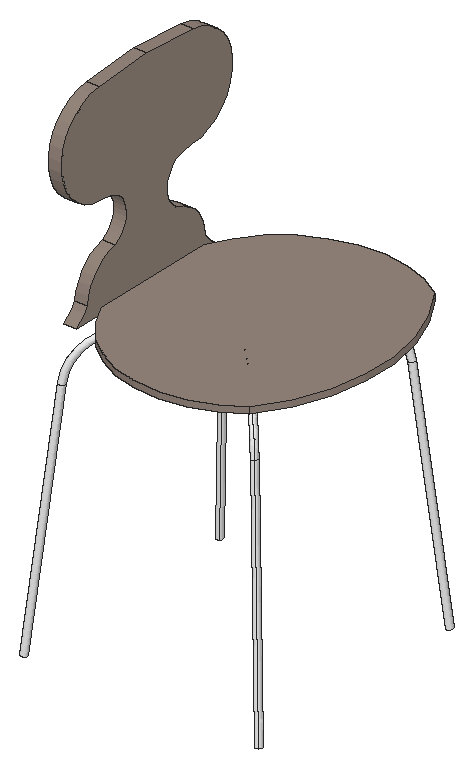
Revit family "Chair 3", category Furniture, Revit 2024
Family settings
  Work Plane-Based = No
  Enable Cutting in Views = No
  Always vertical = Yes
  Cut with Voids When Loaded = No
  Render Appearance Source = Family Geometry
  Shared = No
  Room Calculation Point = No
Parameters
  Type Comments = "L"
  Keynote = "F"
  Manufacturer = ""
  Default Elevation = 0 mm
  Bracket Material = Herman Miller - Finish 47 Trivalent Chrome
  Model = ""
  Cushion/Chair Back Material = Herman Miller - Veneer Z5 Maple
  BG_DIM_Width1 [instance] = 1800 mm
  BG_DIM_Height1 [instance] = 1200 mm
  BG_DIM_Depth1 [instance] = 600 mm
  Assembly Code = "Ase3"
Types (3, lengths in mm): name | Type Comments | Keynote | BG_DIM_Width1 | BG_DIM_Height1 | BG_DIM_Depth1 | Assembly Code
  (no name) | "L" | "F" | 1800 | 1200 | 600 | "Ase3"
  Type 3A | "K" | "E" | 1700 | 1100 | 500 | "Ase2"
  Type 3B | "" | "12600" | 0 | 0 | 0 | ""
Reference planes
  plane 1 "Center F/B": y = -198.997
  plane 2: z = 0
  plane 3 "Center L/R": x = -1.022
Forms (mm)
  Sweep 1, solid, material "Herman Miller - Finish 47 Trivalent Chrome" <- "Bracket Material"
    path origin (61.052, -65.204, 45) x (0, 0, -1) y (0.707107, -0.707107, 0)
      loop
        line (45, -82.843) -> (-332.364, -36.508)
        arc (-332.364, -36.508) -> (-382.531, -10.114) -> (-402.615, 42.895) r 80
        line (-402.615, 42.895) -> (-402.615, 181.322)
    profile origin (18.855, -23.007, 188.682) x (-0.701836, 0.701836, 0.121869) y (-0.707107, -0.707107, 0)
      loop
        circle (0, 0) r 5
  Sweep 2, solid, material "Herman Miller - Finish 47 Trivalent Chrome" <- "Bracket Material"
    path origin (57.516, -325.168, 45) x (0, 0, -1) y (0.707107, 0.707107, 0)
      loop
        line (45, -82.843) -> (-332.364, -36.508)
        arc (-332.364, -36.508) -> (-382.531, -10.114) -> (-402.615, 42.895) r 80
        line (-402.615, 42.895) -> (-402.615, 181.322)
    profile origin (15.319, -367.364, 188.682) x (-0.701836, -0.701836, 0.121869) y (0.707107, -0.707107, 0)
      loop
        circle (0, 0) r 5
  Sweep 3, solid, material "Herman Miller - Finish 47 Trivalent Chrome" <- "Bracket Material"
    path origin (303.338, -65.204, 45) x (0, 0, -1) y (0.707107, 0.707107, 0)
      loop
        line (45, 82.843) -> (-332.364, 36.508)
        arc (-332.364, 36.508) -> (-382.531, 10.114) -> (-402.615, -42.895) r 80
        line (-402.615, -42.895) -> (-402.615, -181.322)
    profile origin (345.535, -23.007, 188.682) x (0.701836, 0.701836, 0.121869) y (-0.707107, 0.707107, 0)
      loop
        circle (0, 0) r 5
  Sweep 4, solid, material "Herman Miller - Finish 47 Trivalent Chrome" <- "Bracket Material"
    path origin (306.873, -325.168, 45) x (0, 0, -1) y (0.707107, -0.707107, 0)
      loop
        line (45, 82.843) -> (-332.364, 36.508)
        arc (-332.364, 36.508) -> (-382.531, 10.114) -> (-402.615, -42.895) r 80
        line (-402.615, -42.895) -> (-402.615, -181.322)
    profile origin (349.07, -367.364, 188.682) x (0.701836, -0.701836, 0.121869) y (0.707107, 0.707107, 0)
      loop
        circle (0, 0) r 5
  Extrusion 5, solid, material "Herman Miller - Veneer Z5 Maple" <- "Cushion/Chair Back Material"
    sketch origin (0, 0, 0) x (1, 0, 0) y (0, 1, 0)
      loop
        arc (340, -9.099) -> (152.776, 17.913) -> (32.728, -128.274) r 192.616
        line (32.728, -128.274) -> (32.728, -249.923)
        arc (32.728, -249.923) -> (152.776, -396.11) -> (340, -369.099) r 192.616
        arc (340, -369.099) -> (400.673, -189.099) -> (340, -9.099) r 297.34
    from 450 to 460
  Extrusion 6, solid, material "Herman Miller - Veneer Z5 Maple" <- "Cushion/Chair Back Material"
    sketch origin (390, -409.099, -27.081) x (0, 0, -1) y (0, 1, 0)
      loop
        arc (-498.809, 95.839) -> (-486.21, 86.065) -> (-477.081, 72.99) r 53.087
        line (-477.081, 72.99) -> (-477.081, 347.212)
        arc (-477.081, 347.212) -> (-486.21, 334.138) -> (-498.809, 324.364) r 53.087
        arc (-498.809, 324.364) -> (-539.073, 308.301) -> (-561.143, 270.989) r 67.175
        arc (-561.143, 270.989) -> (-601.737, 249.17) -> (-634.197, 281.887) r 38.521
        line (-634.197, 281.887) -> (-636.604, 298.938)
        arc (-636.604, 298.938) -> (-714.694, 376.726) -> (-796.127, 302.444) r 79.872
        line (-796.127, 302.444) -> (-802.584, 210.101) -> (-796.127, 117.759)
        arc (-796.127, 117.759) -> (-714.694, 43.477) -> (-636.604, 121.265) r 79.872
        line (-636.604, 121.265) -> (-634.197, 138.316)
        arc (-634.197, 138.316) -> (-601.737, 171.033) -> (-561.143, 149.213) r 38.521
        arc (-561.143, 149.213) -> (-539.073, 111.901) -> (-498.809, 95.839) r 67.175
    from -367.272 to -347.272
Dimensions and locks
  aligned and locked: plane 1 "Center F/B" to Extrusion 6
